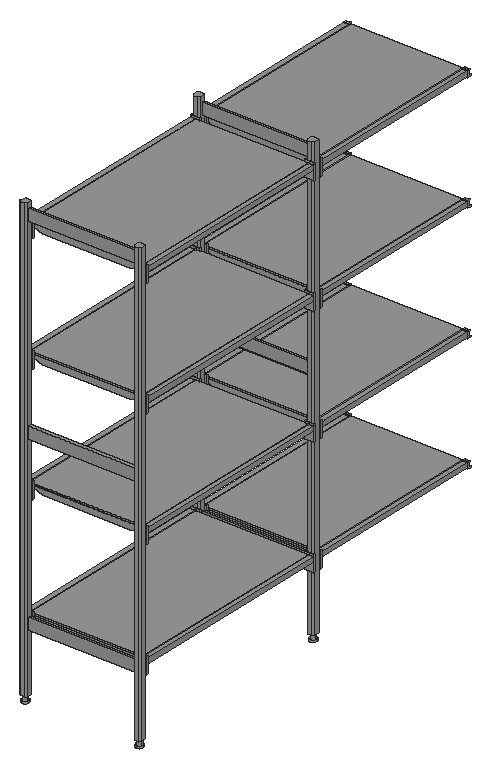
Revit family "QF_ZANUSSI_137079_CLS1574", category Attrezzature speciali, Revit 2020
Family settings
  Quota connettore circolare = Usa diametro
  Tipo di parte = Normale
  Basato su piano di lavoro = No
  Sempre verticale = Sì
  Taglio con vuoti quando caricato = No
  Condiviso = No
  Punto di calcolo locali = No
Parameters (values of type "Standard")
  Weight = 30.00 kg
  Watts = 0 W
  Volts = 0 V
  URL Manufacturer = "http://www.zanussiprofessional.com"
  URL = "http://www.zanussiprofessional.com"
  Steam Supply Size = 0 mm
  Steam Supply Minimum Pressure = 0.0 Pa
  Steam Supply Maximum Pressure = 0.0 Pa
  Steam Consumption per Hour = 0
  Refrigeration Suction Line Size = 0.0 mm
  Refrigeration Liquid Line Size = 0.0 mm
  Refrigerant Compressor Remote = yes
  Prospetto di default = 0.0 mm
  Phase = 0
  Modello = "CLS1574"
  Produttore = "Zanussi"
  Length Actual = 1578.0 mm  # constant formula
  Item Number = "137079"
  Hot Water Size = 0 mm
  Height Actual = 1700.0 mm  # constant formula
  HP = "0 HP"
  Gas Size = 0 mm
  Gas KW = 0
  Gas Input Pressure = 0 W
  Direct Waste Size = 0 mm
  Descrizione = "ALUM.CORNER SHELV.-POLY.TIERS-475X1578MM"
  Depth Actual = 475.0 mm  # constant formula
  Cycle = 0 Hz
  Condensate Return Size = 0 mm
  Compressed Air Volume = 0.0 L/s
  Compressed Air Size = 0 mm
  Compressed Air Pressure = 0.0 Pa
  Cold Water Size = 0 mm
  Accessory = yes
Reference planes
  plane 1: z = 0
  plane 2 "CenterLeft": y = -535.5
  plane 3 "FRONT": y = -921.5
  plane 4 "LEFT": x = 192.5
  plane 5 "RIGHT": x = 667.5
  plane 6 "TOP": z = 1700
  plane 7: y = -889.5
  plane 8: y = -91.5
  plane 9 "Center (Left/Back)": x = 430
  plane 10: x = 256
  plane 11: x = 668
  plane 12 "FEET": z = 25
  plane 13: z = 275
  plane 14: z = 725
  plane 15: z = 1175
  plane 16: z = 1625
  plane 17 "CXLeft": y = -907.5
  plane 18 "Center (Front/Back)": y = -73.5
  plane 19 "CYFront": x = 510
  plane 20: y = 652.5
  plane 21: y = -55.5
  plane 22 "BACK": y = 656.5
  plane 23 "LEFT_ORIGIN": x = 158.5
  plane 24 "BACK_ORIGIN": y = 1131.5
Forms (mm)
  Extrusion 1, solid, material "QF_Aluminum"
    sketch origin (38.022, -921.5, -4.006) x (-1, 0, 0) y (0, 0, 1)
      loop
        line (-189.5, 1637.003) -> (-173.5, 1637.003) -> (-173.5, 1655) -> (-175.493, 1655) -> (-175.493, 1648.501) -> (-608.5, 1648.501) -> (-608.5, 1655) -> (-610.5, 1655) -> (-610.5, 1637.003) -> (-594.5, 1637.003) -> (-560.5, 1625) -> (-223.5, 1625) -> (-189.5, 1637.003)
      loop
        line (-189.5, 1187.003) -> (-173.5, 1187.003) -> (-173.5, 1205) -> (-175.493, 1205) -> (-175.493, 1198.501) -> (-608.5, 1198.501) -> (-608.5, 1205) -> (-610.5, 1205) -> (-610.5, 1187.003) -> (-594.5, 1187.003) -> (-560.5, 1175) -> (-223.5, 1175) -> (-189.5, 1187.003)
      loop
        line (-189.5, 737.003) -> (-173.5, 737.003) -> (-173.5, 755) -> (-175.493, 755) -> (-175.493, 748.501) -> (-608.5, 748.501) -> (-608.5, 755) -> (-610.5, 755) -> (-610.5, 737.003) -> (-594.5, 737.003) -> (-560.5, 725) -> (-223.5, 725) -> (-189.5, 737.003)
      loop
        line (-189.5, 287.003) -> (-173.5, 287.003) -> (-173.5, 305) -> (-175.493, 305) -> (-175.493, 298.501) -> (-608.5, 298.501) -> (-608.5, 305) -> (-610.5, 305) -> (-610.5, 287.003) -> (-594.5, 287.003) -> (-560.5, 275) -> (-223.5, 275) -> (-189.5, 287.003)
    from 37 to 32
  Extrusion 2, solid, material "QF_Aluminum"
    sketch origin (38.022, -921.5, 0) x (-1, 0, 0) y (0, 0, 1)
      loop
        line (-154.478, 246.005) -> (-154.478, 307.993) -> (-190.471, 307.993) -> (-190.471, 246.005) -> (-154.478, 246.005)
      loop
        line (-593.484, 246.005) -> (-593.484, 307.993) -> (-629.478, 307.993) -> (-629.478, 246.005) -> (-593.484, 246.005)
      loop
        line (-154.478, 696.005) -> (-154.478, 757.993) -> (-190.471, 757.993) -> (-190.471, 696.005) -> (-154.478, 696.005)
      loop
        line (-593.484, 696.005) -> (-593.484, 757.993) -> (-629.478, 757.993) -> (-629.478, 696.005) -> (-593.484, 696.005)
      loop
        line (-154.478, 1146.005) -> (-154.478, 1207.993) -> (-190.471, 1207.993) -> (-190.471, 1146.005) -> (-154.478, 1146.005)
      loop
        line (-593.484, 1146.005) -> (-593.484, 1207.993) -> (-629.478, 1207.993) -> (-629.478, 1146.005) -> (-593.484, 1146.005)
      loop
        line (-154.478, 1596.005) -> (-154.478, 1657.993) -> (-190.471, 1657.993) -> (-190.471, 1596.005) -> (-154.478, 1596.005)
      loop
        line (-593.484, 1596.005) -> (-593.484, 1657.993) -> (-629.478, 1657.993) -> (-629.478, 1596.005) -> (-593.484, 1596.005)
    from 28 to 32
  Extrusion 3, solid, material "QF_Aluminum"
    sketch origin (38.022, -921.5, 0) x (-1, 0, 0) y (0, 0, 1)
      loop
        line (-154.5, 1650.994) -> (-173.5, 1650.994) -> (-173.5, 1632.998) -> (-154.5, 1632.998) -> (-154.5, 1650.994)
      loop
        line (-154.5, 1200.994) -> (-173.5, 1200.994) -> (-173.5, 1182.998) -> (-154.5, 1182.998) -> (-154.5, 1200.994)
      loop
        line (-154.5, 750.994) -> (-173.5, 750.994) -> (-173.5, 732.998) -> (-154.5, 732.998) -> (-154.5, 750.994)
      loop
        line (-154.5, 300.994) -> (-173.5, 300.994) -> (-173.5, 282.998) -> (-154.5, 282.998) -> (-154.5, 300.994)
      loop
        line (-629.455, 1650.994) -> (-629.455, 1632.998) -> (-610.455, 1632.998) -> (-610.455, 1650.994) -> (-629.455, 1650.994)
      loop
        line (-629.455, 1200.994) -> (-629.455, 1182.998) -> (-610.455, 1182.998) -> (-610.455, 1200.994) -> (-629.455, 1200.994)
      loop
        line (-629.455, 750.994) -> (-629.455, 732.998) -> (-610.455, 732.998) -> (-610.455, 750.994) -> (-629.455, 750.994)
      loop
        line (-629.455, 300.994) -> (-629.455, 282.998) -> (-610.455, 282.998) -> (-610.455, 300.994) -> (-629.455, 300.994)
    from 32 to 830
  Extrusion 4, solid, material "QF_Polyethylene"
    sketch origin (38.022, -921.5, 0) x (-1, 0, 0) y (0, 0, 1)
      loop
        line (-175.493, 1650.994) -> (-608.5, 1650.994) -> (-608.5, 1644.496) -> (-175.493, 1644.496) -> (-175.493, 1650.994)
      loop
        line (-175.493, 1200.994) -> (-608.5, 1200.994) -> (-608.5, 1194.496) -> (-175.493, 1194.496) -> (-175.493, 1200.994)
      loop
        line (-175.493, 750.994) -> (-608.5, 750.994) -> (-608.5, 744.496) -> (-175.493, 744.496) -> (-175.493, 750.994)
      loop
        line (-175.493, 300.994) -> (-608.5, 300.994) -> (-608.5, 294.496) -> (-175.493, 294.496) -> (-175.493, 300.994)
    from 32 to 830
  Extrusion 5, solid, material "QF_Aluminum"
    sketch origin (38.022, 684.5, 0) x (-1, 0, 0) y (0, 0, 1)
      loop
        line (-154.5, 1650.994) -> (-173.5, 1650.994) -> (-173.5, 1632.998) -> (-154.5, 1632.998) -> (-154.5, 1650.994)
      loop
        line (-610.455, 1650.994) -> (-629.455, 1650.994) -> (-629.455, 1632.998) -> (-610.455, 1632.998) -> (-610.455, 1650.994)
      loop
        line (-154.5, 1200.994) -> (-173.5, 1200.994) -> (-173.5, 1182.998) -> (-154.5, 1182.998) -> (-154.5, 1200.994)
      loop
        line (-610.455, 1200.994) -> (-629.455, 1200.994) -> (-629.455, 1182.998) -> (-610.455, 1182.998) -> (-610.455, 1200.994)
      loop
        line (-154.5, 750.994) -> (-173.5, 750.994) -> (-173.5, 732.998) -> (-154.5, 732.998) -> (-154.5, 750.994)
      loop
        line (-610.455, 750.994) -> (-629.455, 750.994) -> (-629.455, 732.998) -> (-610.455, 732.998) -> (-610.455, 750.994)
      loop
        line (-154.5, 300.994) -> (-173.5, 300.994) -> (-173.5, 282.998) -> (-154.5, 282.998) -> (-154.5, 300.994)
      loop
        line (-610.455, 300.994) -> (-629.455, 300.994) -> (-629.455, 282.998) -> (-610.455, 282.998) -> (-610.455, 300.994)
    from -32 to -740
  Extrusion 6, solid, material "QF_Polyethylene"
    sketch origin (38.022, 684.5, 0) x (-1, 0, 0) y (0, 0, 1)
      loop
        line (-175.493, 1650.994) -> (-608.5, 1650.994) -> (-608.5, 1644.496) -> (-175.493, 1644.496) -> (-175.493, 1650.994)
      loop
        line (-175.493, 1200.994) -> (-608.5, 1200.994) -> (-608.5, 1194.496) -> (-175.493, 1194.496) -> (-175.493, 1200.994)
      loop
        line (-175.493, 750.994) -> (-608.5, 750.994) -> (-608.5, 744.496) -> (-175.493, 744.496) -> (-175.493, 750.994)
      loop
        line (-175.493, 300.994) -> (-608.5, 300.994) -> (-608.5, 294.496) -> (-175.493, 294.496) -> (-175.493, 300.994)
    from -32 to -740
Lines and regions (mm)
  symbolic lines
    curve 1: line (256, -912.5, 1700) -> (668, -912.5, 1700)
    curve 2: line (668, -902.5, 1700) -> (256, -902.5, 1700)
    curve 3: line (192.5, -893.5, 1700) -> (192.5, -87.5, 1700)
    curve 4: line (667.5, -889.5, 1700) -> (667.5, -91.5, 1700)
    curve 5: line (192.5, -59.5, 1700) -> (192.5, 656.5, 1700)
    curve 6: line (667.5, -59.5, 1700) -> (667.5, 656.5, 1700)
    curve 7: line (648.478, -91.5, 1700) -> (648.478, -889.5, 1700)
    curve 8: line (211.522, -889.5, 1700) -> (211.522, -91.5, 1700)
    curve 9: line (211.522, -55.5, 1700) -> (211.522, 652.5, 1700)
    curve 10: line (648.478, 652.5, 1700) -> (648.478, -55.5, 1700)
Dimensions and locks
  plane 3 "FRONT" to plane 2 "CenterLeft" = 386.0 mm
  locked: plane 6 "TOP" to level at 1700
  locked: plane 7 to plane 8 at 798
  locked: plane 10 to plane 11 at 412
  plane 10 to plane 9 "Center (Left/Back)" to plane 11 = 174.0 mm, 238.0 mm
  equal spacing: plane 4 "LEFT", plane 9 "Center (Left/Back)", plane 5 "RIGHT"
  plane 12 "FEET" to level = 25.0 mm
  plane 6 "TOP" to plane 12 "FEET" = 1675.0 mm
  plane 13 to plane 12 "FEET" = 250.0 mm
  plane 14 to plane 13 = 450.0 mm
  plane 15 to plane 14 = 450.0 mm
  plane 16 to plane 15 = 450.0 mm
  locked: plane 21 to plane 20 at 708
  locked: plane 8 to plane 18 "Center (Front/Back)" at 18
  locked: plane 18 "Center (Front/Back)" to plane 21 at 18
  locked: plane 3 "FRONT" to plane 7 at 32
  locked: plane 4 "LEFT" to plane 5 "RIGHT" at 475
  locked: plane 23 "LEFT_ORIGIN" to plane 5 "RIGHT" at 509
  locked: plane 22 "BACK" to plane 24 "BACK_ORIGIN" at 475
  locked: plane 22 "BACK" to plane 3 "FRONT" at 1578
  aligned and locked: level to plane 1
  aligned and locked: Extrusion 1 to plane 7
  aligned and locked: plane 7 to Extrusion 2
  aligned and locked: Extrusion 4 to plane 7
  aligned and locked: plane 8 to Extrusion 4
  aligned and locked: Extrusion 3 to plane 7
  aligned and locked: plane 8 to Extrusion 3
  aligned and locked: Extrusion 1 sketch curve to Extrusion 1 sketch curve  (x3)
  aligned and locked: Extrusion 5 sketch curve to Extrusion 5 sketch curve  (x2)
  aligned and locked: Extrusion 5 to plane 21  (x5)
  aligned and locked: Extrusion 6 to plane 21  (x5)
  aligned and locked: nested 2 to plane 18 "Center (Front/Back)"
  aligned and locked: plane 17 "CXLeft" to nested 1
  aligned and locked: plane 7 to Extrusion 3  (x3)
  aligned and locked: Extrusion 3 to plane 8  (x4)
  aligned and locked: Extrusion 4 to plane 8  (x4)
  aligned and locked: plane 20 to Extrusion 5
  aligned and locked: plane 20 to Extrusion 6
  aligned and locked: Extrusion 5 to plane 20  (x3)
  aligned and locked: Extrusion 6 to plane 20  (x3)
  aligned and locked: plane 9 "Center (Left/Back)" to nested 2
  aligned and locked: nested 3 to plane 22 "BACK"
Automatic sketch dimensions
  Extrusion 1 sketch curve to plane 19 "CYFront" = 138.522 mm  (x4)
  plane 11 to Extrusion 1 sketch curve = 35.478 mm  (x4)
  Extrusion 1 sketch curve to plane 13 = 4.006 mm
  Extrusion 1 sketch curve to Extrusion 1 sketch curve = 34.0 mm  (x4)
  Extrusion 1 sketch curve to plane 14 = 4.006 mm
  Extrusion 1 sketch curve to plane 15 = 4.006 mm
  Extrusion 1 sketch curve to plane 16 = 4.006 mm
  Extrusion 1 sketch curve to plane 10 = 5.522 mm  (x4)
  plane 10 to Extrusion 1 sketch curve = 28.478 mm  (x4)
  plane 13 to Extrusion 1 sketch curve = 7.998 mm  (x2)
  Extrusion 1 sketch curve to Extrusion 1 sketch curve = 11.498 mm  (x4)
  Extrusion 1 sketch curve to Extrusion 1 sketch curve = 6.499 mm  (x8)
  plane 14 to Extrusion 1 sketch curve = 7.998 mm  (x2)
  plane 15 to Extrusion 1 sketch curve = 7.998 mm  (x2)
  plane 16 to Extrusion 1 sketch curve = 7.998 mm  (x2)
  plane 5 "RIGHT" to Extrusion 2 sketch curve = 35.993 mm  (x4)
  Extrusion 2 sketch curve to plane 4 "LEFT" = 0.0 mm  (x4)
  plane 11 to Extrusion 2 sketch curve = 0.5 mm  (x4)
  plane 10 to Extrusion 2 sketch curve = 27.507 mm  (x4)
  Extrusion 2 sketch curve to plane 13 = 28.995 mm  (x2)
  plane 13 to Extrusion 2 sketch curve = 32.993 mm  (x2)
  Extrusion 2 sketch curve to plane 14 = 28.995 mm  (x2)
  plane 14 to Extrusion 2 sketch curve = 32.993 mm  (x2)
  Extrusion 2 sketch curve to plane 15 = 28.995 mm  (x2)
  plane 15 to Extrusion 2 sketch curve = 32.993 mm  (x2)
  Extrusion 2 sketch curve to plane 16 = 28.995 mm  (x2)
  plane 16 to Extrusion 2 sketch curve = 32.993 mm  (x2)
  plane 13 to Extrusion 4 sketch curve = 19.496 mm
  Extrusion 4 sketch curve to Extrusion 4 sketch curve = 6.499 mm  (x4)
  plane 14 to Extrusion 4 sketch curve = 19.496 mm
  plane 15 to Extrusion 4 sketch curve = 19.496 mm
  plane 16 to Extrusion 4 sketch curve = 19.496 mm
  plane 5 "RIGHT" to Extrusion 5 sketch curve = 0.022 mm  (x4)
  Extrusion 5 sketch curve to plane 4 "LEFT" = 19.022 mm  (x4)
  Extrusion 5 sketch curve to plane 19 "CYFront" = 138.478 mm  (x2)
  plane 13 to Extrusion 5 sketch curve = 7.998 mm  (x2)
  Extrusion 5 sketch curve to Extrusion 5 sketch curve = 17.997 mm  (x8)
  plane 14 to Extrusion 5 sketch curve = 7.998 mm  (x2)
  plane 15 to Extrusion 5 sketch curve = 7.998 mm  (x2)
  plane 16 to Extrusion 5 sketch curve = 7.998 mm  (x2)
  Extrusion 6 sketch curve to plane 19 "CYFront" = 136.522 mm  (x4)
  plane 13 to Extrusion 6 sketch curve = 19.496 mm
  Extrusion 6 sketch curve to Extrusion 6 sketch curve = 6.499 mm  (x4)
  plane 14 to Extrusion 6 sketch curve = 19.496 mm
  plane 15 to Extrusion 6 sketch curve = 19.496 mm
  plane 16 to Extrusion 6 sketch curve = 19.496 mm
  plane 5 "RIGHT" to Extrusion 3 sketch curve = 0.022 mm  (x4)
  Extrusion 3 sketch curve to Extrusion 3 sketch curve = 19.0 mm  (x4)
  plane 14 to Extrusion 3 sketch curve = 7.998 mm  (x2)
  plane 10 to Extrusion 3 sketch curve = 44.478 mm  (x4)
  Extrusion 3 sketch curve to plane 4 "LEFT" = 0.022 mm  (x4)
  plane 13 to Extrusion 3 sketch curve = 25.994 mm  (x2)
  plane 13 to Extrusion 3 sketch curve = 7.998 mm  (x2)
  Extrusion 3 sketch curve to Extrusion 3 sketch curve = 17.997 mm  (x6)
  plane 15 to Extrusion 3 sketch curve = 7.998 mm  (x2)
  plane 16 to Extrusion 3 sketch curve = 7.998 mm  (x2)
  plane 10 to Extrusion 1 sketch curve = 42.484 mm  (x4)
  plane 10 to Extrusion 1 sketch curve = 44.478 mm  (x2)
  Extrusion 1 sketch curve to Extrusion 1 sketch curve = 1.993 mm  (x2)
  plane 10 to Extrusion 4 sketch curve = 42.484 mm  (x4)
  Extrusion 5 sketch curve to plane 4 "LEFT" = 0.022 mm  (x4)
  plane 10 to Extrusion 6 sketch curve = 42.484 mm  (x4)
  Extrusion 1 sketch curve to Extrusion 1 sketch curve = 2.0 mm
  plane 5 "RIGHT" to Extrusion 4 sketch curve = 20.978 mm  (x4)
  curve 1 to plane 11 = 0.0 mm
  curve 1 to plane 10 = 0.0 mm
  curve 2 to plane 10 = 0.0 mm
  curve 2 to plane 11 = 0.0 mm
  curve 3 to plane 4 "LEFT" = 0.0 mm
  curve 4 to plane 5 "RIGHT" = 0.0 mm
  plane 7 to curve 4 = 0.0 mm
  plane 7 to curve 8 = 0.0 mm
  plane 8 to curve 8 = 0.0 mm
  plane 8 to curve 7 = 0.0 mm
  plane 8 to curve 4 = 0.0 mm
  curve 5 to plane 4 "LEFT" = 0.0 mm
  curve 6 to plane 5 "RIGHT" = 0.0 mm
  plane 20 to curve 9 = 0.0 mm
  plane 22 "BACK" to curve 5 = 0.0 mm
  plane 22 "BACK" to curve 6 = 0.0 mm
  plane 7 to curve 3 = 4.0 mm
  plane 17 "CXLeft" to curve 2 = 5.0 mm
  curve 1 to plane 17 "CXLeft" = 5.0 mm
  curve 3 to plane 8 = 4.0 mm
  curve 6 to plane 21 = 4.0 mm
  curve 9 to plane 4 "LEFT" = 19.022 mm
  curve 8 to plane 4 "LEFT" = 19.022 mm
  curve 9 to plane 21 = 0.0 mm
  plane 21 to curve 10 = 0.0 mm
  curve 5 to plane 21 = 4.0 mm
  plane 7 to curve 7 = 0.0 mm
  curve 4 to curve 7 = 19.022 mm
  plane 20 to curve 10 = 0.0 mm
  plane 5 "RIGHT" to curve 10 = 19.022 mm
Nested families
  nested 1: "WT_Anta475" at (215.5, -504.5, 0) x (0, 1, 0) z (0, 0, 1), type "WT_Anta475"
  nested 2: "WT_Anta475Center" at (215.5, 329.5, 0) x (0, 1, 0) z (0, 0, 1), type "WT_Anta475Center"
  nested 3: "WT_Aggancio475" at (215.5, 1064.5, 0) x (0, 1, 0) z (0, 0, 1), type "WT_Aggancio475"
Definition of nested family "WT_Anta475"
  Parameters
    WidthLeft = A + 64.0 mm  # 772.0 mm
    Width = 1606.0 mm
    Right = WidthLeft / 2  # 386.0 mm
    Default Elevation = 0.0 mm
    Left = -WidthLeft / 2  # -386.0 mm
    Height = 1725.0 mm
    FEET = 25.0 mm
    E = 0.0 mm
    Dint = Depth - 63.0 mm  # 412.0 mm
    Dext = Depth - 8.0 mm  # 467.0 mm
    Depth = 475.0 mm
    DX = (WidthLeft - A) / 2  # 32.0 mm
    B = 798.0 mm
    A = 708.0 mm
  Reference planes
    plane 1: z = 0
    plane 2 "LEFT": x = -417
    plane 3 "BACK": y = 23
    plane 4 "FRONT": y = -452
    plane 5 "TOP": z = 1725
    plane 6 "Center (Front/Back)": y = -214.5
    plane 7: y = -8.5
    plane 8: y = -420.5
    plane 9 "FEET": z = 25
    plane 10: z = 275
    plane 11: z = 725
    plane 12: z = 1175
    plane 13: z = 1625
    plane 14 "CXLeft": x = -403
    plane 15: y = 5.5
    plane 16 "CYBack": y = 5.5
    plane 17 "CYFront": y = -434.5
    plane 18: x = -385.031
    plane 19: x = -380.031
  Forms (mm)
    Extrusion 1, solid
      sketch origin (0, 0, 0) x (1, 0, 0) y (0, 1, 0)
        loop
          line (-417, 13.246) -> (-417, -2.246) -> (-410.746, -8.5) -> (-395.254, -8.5) -> (-389, -2.246) -> (-389, 13.246) -> (-395.254, 19.5) -> (-410.746, 19.5) -> (-417, 13.246)
      from 1725 to 25
    Extrusion 2, solid
      sketch origin (-417, 0, 0) x (0, 1, 0) y (0, 0, 1)
        loop
          line (23, 246.005) -> (23, 307.993) -> (-12.993, 307.993) -> (-12.993, 246.005) -> (23, 246.005)
        loop
          line (-452, 246.005) -> (-416.007, 246.005) -> (-416.007, 307.993) -> (-452, 307.993) -> (-452, 246.005)
        loop
          line (23, 696.005) -> (23, 757.993) -> (-12.993, 757.993) -> (-12.993, 696.005) -> (23, 696.005)
        loop
          line (-452, 696.005) -> (-416.007, 696.005) -> (-416.007, 757.993) -> (-452, 757.993) -> (-452, 696.005)
        loop
          line (23, 1146.005) -> (23, 1207.993) -> (-12.993, 1207.993) -> (-12.993, 1146.005) -> (23, 1146.005)
        loop
          line (-452, 1146.005) -> (-416.007, 1146.005) -> (-416.007, 1207.993) -> (-452, 1207.993) -> (-452, 1146.005)
        loop
          line (23, 1596.005) -> (23, 1657.993) -> (-12.993, 1657.993) -> (-12.993, 1596.005) -> (23, 1596.005)
        loop
          line (-452, 1596.005) -> (-416.007, 1596.005) -> (-416.007, 1657.993) -> (-452, 1657.993) -> (-452, 1596.005)
      from 28 to 32
    Revolve 3, solid
      sketch origin (-403, 0, 0) x (0, 1, 0) y (0, 0, 1)
        loop
          line (5.5, 25) -> (5.5, 0) -> (19, 0) -> (19, 5) -> (14, 5) -> (14, 25) -> (5.5, 25)
        axis (5.5, 25) -> (5.5, 0)
      angle from 0 to 360
    Extrusion 4, solid
      sketch origin (-403, 0, 0) x (0, 1, 0) y (0, 0, 1)
        loop
          line (-8.5, 912.382) -> (-8.5, 957.374) -> (-420.5, 957.374) -> (-420.5, 912.382) -> (-8.5, 912.382)
        loop
          line (-8.5, 1662.244) -> (-8.5, 1707.236) -> (-420.5, 1707.236) -> (-420.5, 1662.244) -> (-8.5, 1662.244)
      from -5 to 5
    Revolve 5, solid
      sketch origin (-403, -627, 0) x (0, -1, 0) y (0, 0, 1)
        loop
          line (-192.5, 25) -> (-192.5, 0) -> (-179, 0) -> (-179, 5) -> (-184, 5) -> (-184, 25) -> (-192.5, 25)
        axis (-192.5, 25) -> (-192.5, 0)
      angle from 0 to 360
    Extrusion 6, solid
      sketch origin (0, -627, 0) x (1, 0, 0) y (0, 1, 0)
        loop
          line (-417, 184.754) -> (-410.746, 178.5) -> (-395.254, 178.5) -> (-389, 184.754) -> (-389, 200.246) -> (-395.254, 206.5) -> (-410.746, 206.5) -> (-417, 200.246) -> (-417, 184.754)
      from 1725 to 25
    Extrusion 7, solid
      sketch origin (-417.031, -0.022, 0) x (0, 1, 0) y (0, 0, -1)
        loop
          line (-12, -1632.998) -> (-46, -1620.994) -> (-383, -1620.994) -> (-417, -1632.998) -> (-433, -1632.998) -> (-433, -1650.994) -> (-431, -1650.994) -> (-431, -1644.496) -> (2.007, -1644.496) -> (2.007, -1650.994) -> (4, -1650.994) -> (4, -1632.998) -> (-12, -1632.998)
        loop
          line (-12, -1182.998) -> (-46, -1170.994) -> (-383, -1170.994) -> (-417, -1182.998) -> (-433, -1182.998) -> (-433, -1200.994) -> (-431, -1200.994) -> (-431, -1194.496) -> (2.007, -1194.496) -> (2.007, -1200.994) -> (4, -1200.994) -> (4, -1182.998) -> (-12, -1182.998)
        loop
          line (-12, -732.998) -> (-46, -720.994) -> (-383, -720.994) -> (-417, -732.998) -> (-433, -732.998) -> (-433, -750.994) -> (-431, -750.994) -> (-431, -744.496) -> (2.007, -744.496) -> (2.007, -750.994) -> (4, -750.994) -> (4, -732.998) -> (-12, -732.998)
        loop
          line (-12, -282.998) -> (-46, -270.994) -> (-383, -270.994) -> (-417, -282.998) -> (-433, -282.998) -> (-433, -300.994) -> (-431, -300.994) -> (-431, -294.496) -> (2.007, -294.496) -> (2.007, -300.994) -> (4, -300.994) -> (4, -282.998) -> (-12, -282.998)
      from -32 to -37
    Extrusion 8, solid
      sketch origin (-403, 0, -659.878) x (0, 1, 0) y (0, 0, 1)
        loop
          line (-8.5, 912.382) -> (-8.5, 957.374) -> (-420.5, 957.374) -> (-420.5, 912.382) -> (-8.5, 912.382)
        loop
          line (-8.5, 1572.382) -> (-8.5, 1617.374) -> (-420.5, 1617.374) -> (-420.5, 1572.382) -> (-8.5, 1572.382)
        loop
          line (-8.5, 2322.382) -> (-8.5, 2367.374) -> (-420.5, 2367.374) -> (-420.5, 2322.382) -> (-8.5, 2322.382)
      from -5 to 5
  Lines and regions (mm)
    symbolic lines
      curve 1: line (-408, -8.5, 1725) -> (-408, -420.5, 1725)
      curve 2: line (-398, -420.5, 1725) -> (-398, -8.5, 1725)
      curve 3: line (-395.254, -8.5, 1725) -> (-410.746, -8.5, 1725)
      curve 4: line (-417, -2.246, 1725) -> (-410.746, -8.5, 1725)
      curve 5: line (-417, 13.246, 1725) -> (-417, -2.246, 1725)
      curve 6: line (-410.746, 19.5, 1725) -> (-417, 13.246, 1725)
      curve 7: line (-395.254, 19.5, 1725) -> (-410.746, 19.5, 1725)
      curve 8: line (-389, 13.246, 1725) -> (-395.254, 19.5, 1725)
      curve 9: line (-395.254, -8.5, 1725) -> (-389, -2.246, 1725)
      curve 10: line (-395.254, -420.5, 1725) -> (-410.746, -420.5, 1725)
      curve 11: line (-417, -426.754, 1725) -> (-410.746, -420.5, 1725)
      curve 12: line (-410.746, -448.5, 1725) -> (-417, -442.246, 1725)
      curve 13: line (-395.254, -448.5, 1725) -> (-410.746, -448.5, 1725)
      curve 14: line (-389, -442.246, 1725) -> (-395.254, -448.5, 1725)
      curve 15: line (-395.254, -420.5, 1725) -> (-389, -426.754, 1725)
      curve 16: line (-389, -452, 1725) -> (-389, -416.007, 1725)
      curve 17: line (-389, -416.007, 1725) -> (-385, -416.007, 1725)
      curve 18: line (-389, 23, 1725) -> (-389, -12.993, 1725)
      curve 19: line (-389, -12.993, 1725) -> (-385, -12.993, 1725)
      curve 20: line (-417, -426.754, 1725) -> (-417, -442.246, 1725)
      curve 21: line (-385, -452, 1725) -> (-385, -416.007, 1725)
      curve 22: line (-385, -452, 1725) -> (-389, -452, 1725)
      curve 23: line (-385, 23, 1725) -> (-389, 23, 1725)
      curve 24: line (-385, -12.993, 1725) -> (-385, 23, 1725)
      curve 25: line (-385.031, -13.016, 1725) -> (-385.031, -416.029, 1725)
  Dimensions and locks
    "Height": plane 5 "TOP" to level
    "Depth": plane 3 "BACK" to plane 4 "FRONT"
    "Dint": plane 7 to plane 8
    equal spacing: plane 7, plane 6 "Center (Front/Back)", plane 8
    equal spacing: plane 3 "BACK", plane 6 "Center (Front/Back)", plane 4 "FRONT"
    plane 9 "FEET" to level = 25.0 mm
    plane 5 "TOP" to plane 9 "FEET" = 1700.0 mm
    plane 10 to plane 9 "FEET" = 250.0 mm
    plane 11 to plane 10 = 450.0 mm
    plane 12 to plane 11 = 450.0 mm
    plane 13 to plane 12 = 450.0 mm
    locked: plane 2 "LEFT" to plane 14 "CXLeft" at 14
    locked: plane 3 "BACK" to plane 16 "CYBack" at 17.5
    locked: plane 17 "CYFront" to plane 4 "FRONT" at 17.5
    locked: Revolve 3 sketch curve to Revolve 3 sketch curve at 8.5
    locked: Revolve 3 sketch curve to plane 16 "CYBack" at 13.5
    locked: Revolve 5 sketch curve to Revolve 5 sketch curve at 8.5
    aligned and locked: level to plane 1
    aligned and locked: curve 20 to Extrusion 6
    aligned and locked: plane 5 "TOP" to Extrusion 1
    aligned and locked: plane 5 "TOP" to Extrusion 6
    aligned and locked: Extrusion 7 sketch curve to Extrusion 7 sketch curve  (x3)
  Automatic sketch dimensions
    curve 16 to plane 4 "FRONT" = 0.0 mm
    curve 11 to plane 8 = 0.0 mm
    curve 9 to plane 7 = 0.0 mm
    curve 5 to plane 2 "LEFT" = 0.0 mm
    curve 23 to plane 3 "BACK" = 0.0 mm
    plane 4 "FRONT" to curve 13 = 3.5 mm
    curve 20 to plane 17 "CYFront" = 7.746 mm
    curve 20 to plane 8 = 6.254 mm
    plane 8 to curve 16 = 4.493 mm
    curve 24 to plane 18 = 0.031 mm
    curve 24 to plane 7 = 4.493 mm
    plane 7 to curve 5 = 6.254 mm
    curve 5 to plane 15 = 7.746 mm
    curve 6 to plane 3 "BACK" = 3.5 mm
    curve 21 to plane 18 = 0.031 mm
    plane 18 to curve 23 = 3.969 mm
    plane 18 to curve 16 = 3.969 mm
    curve 18 to curve 8 = 6.254 mm
    curve 18 to curve 3 = 6.254 mm
    curve 16 to curve 13 = 6.254 mm
    curve 16 to curve 15 = 6.254 mm
    plane 2 "LEFT" to curve 10 = 6.254 mm
    plane 2 "LEFT" to curve 7 = 6.254 mm
    plane 2 "LEFT" to curve 12 = 6.254 mm
    plane 2 "LEFT" to curve 3 = 6.254 mm
    curve 14 to plane 17 "CYFront" = 7.746 mm
    curve 15 to plane 8 = 6.254 mm
    plane 7 to curve 9 = 6.254 mm
    curve 8 to plane 15 = 7.746 mm
    curve 3 to curve 2 = 2.746 mm
    curve 1 to curve 10 = 2.746 mm
    Extrusion 1 sketch curve to plane 2 "LEFT" = 0.0 mm
    Extrusion 1 sketch curve to plane 7 = 0.0 mm
    plane 2 "LEFT" to Extrusion 1 sketch curve = 6.254 mm  (x2)
    plane 14 "CXLeft" to Extrusion 1 sketch curve = 7.746 mm  (x2)
    Extrusion 1 sketch curve to plane 3 "BACK" = 3.5 mm
    plane 18 to Extrusion 1 sketch curve = 3.969 mm
    plane 7 to Extrusion 1 sketch curve = 6.254 mm  (x2)
    Extrusion 1 sketch curve to plane 15 = 7.746 mm  (x2)
    Extrusion 2 sketch curve to plane 4 "FRONT" = 0.0 mm  (x4)
    Extrusion 2 sketch curve to plane 3 "BACK" = 0.0 mm  (x4)
    plane 8 to Extrusion 2 sketch curve = 4.493 mm  (x4)
    Extrusion 2 sketch curve to plane 7 = 4.493 mm  (x4)
    Extrusion 2 sketch curve to plane 10 = 28.995 mm  (x2)
    plane 10 to Extrusion 2 sketch curve = 32.993 mm  (x2)
    Extrusion 2 sketch curve to plane 11 = 28.995 mm  (x2)
    plane 11 to Extrusion 2 sketch curve = 32.993 mm  (x2)
    Extrusion 2 sketch curve to plane 12 = 28.995 mm  (x2)
    plane 12 to Extrusion 2 sketch curve = 32.993 mm  (x2)
    Extrusion 2 sketch curve to plane 13 = 28.995 mm  (x2)
    plane 13 to Extrusion 2 sketch curve = 32.993 mm  (x2)
    Revolve 3 sketch curve to plane 9 "FEET" = 0.0 mm  (x2)
    Revolve 3 sketch curve to plane 15 = 0.0 mm  (x2)
    Revolve 3 sketch curve to level = 0.0 mm
    level to Revolve 3 sketch curve = 5.0 mm
    Revolve 3 sketch curve to Revolve 3 sketch curve = 11.655 mm
    Extrusion 4 sketch curve to plane 8 = 0.0 mm  (x2)
    Extrusion 4 sketch curve to plane 7 = 0.0 mm  (x2)
    plane 11 to Extrusion 4 sketch curve = 187.382 mm
    Extrusion 4 sketch curve to Extrusion 4 sketch curve = 44.992 mm
    plane 13 to Extrusion 4 sketch curve = 37.244 mm
    Extrusion 4 sketch curve to plane 5 "TOP" = 17.764 mm
    Revolve 5 sketch curve to plane 9 "FEET" = 0.0 mm  (x2)
    Revolve 5 sketch curve to plane 17 "CYFront" = 0.0 mm  (x2)
    Revolve 5 sketch curve to level = 0.0 mm
    Revolve 5 sketch curve to plane 4 "FRONT" = 4.0 mm
    Revolve 5 sketch curve to Revolve 5 sketch curve = 5.0 mm
    level to Revolve 5 sketch curve = 11.655 mm
    Extrusion 6 sketch curve to plane 2 "LEFT" = 0.0 mm
    Extrusion 6 sketch curve to plane 8 = 0.0 mm
    Extrusion 6 sketch curve to plane 2 "LEFT" = 6.254 mm  (x2)
    Extrusion 6 sketch curve to plane 14 "CXLeft" = 7.746 mm  (x2)
    Extrusion 6 sketch curve to plane 4 "FRONT" = 3.5 mm
    Extrusion 6 sketch curve to plane 18 = 3.969 mm
    plane 8 to Extrusion 6 sketch curve = 6.254 mm  (x2)
    plane 17 "CYFront" to Extrusion 6 sketch curve = 7.746 mm  (x2)
    plane 17 "CYFront" to Extrusion 7 sketch curve = 1.478 mm  (x4)
    Extrusion 7 sketch curve to Extrusion 7 sketch curve = 2.0 mm
    plane 8 to Extrusion 7 sketch curve = 3.478 mm  (x4)
    Extrusion 7 sketch curve to plane 10 = 4.006 mm
    Extrusion 7 sketch curve to Extrusion 7 sketch curve = 34.0 mm  (x4)
    Extrusion 7 sketch curve to plane 11 = 4.006 mm
    Extrusion 7 sketch curve to plane 12 = 4.006 mm
    Extrusion 7 sketch curve to plane 13 = 4.006 mm
    Extrusion 7 sketch curve to plane 7 = 37.522 mm  (x4)
    Extrusion 7 sketch curve to plane 7 = 3.522 mm  (x4)
    plane 15 to Extrusion 7 sketch curve = 3.516 mm  (x4)
    plane 15 to Extrusion 7 sketch curve = 1.522 mm  (x4)
    plane 13 to Extrusion 7 sketch curve = 7.998 mm  (x2)
    Extrusion 7 sketch curve to Extrusion 7 sketch curve = 11.498 mm
    Extrusion 7 sketch curve to Extrusion 7 sketch curve = 6.499 mm  (x5)
    plane 12 to Extrusion 7 sketch curve = 25.994 mm  (x2)
    plane 12 to Extrusion 7 sketch curve = 7.998 mm  (x2)
    plane 11 to Extrusion 7 sketch curve = 25.994 mm  (x2)
    plane 11 to Extrusion 7 sketch curve = 7.998 mm  (x2)
    plane 10 to Extrusion 7 sketch curve = 25.994 mm  (x2)
    plane 10 to Extrusion 7 sketch curve = 7.998 mm  (x2)
    curve 25 to plane 18 = 0.0 mm
    plane 8 to curve 25 = 4.471 mm
    curve 25 to plane 7 = 4.516 mm
    Extrusion 8 sketch curve to plane 8 = 0.0 mm  (x3)
    Extrusion 8 sketch curve to plane 7 = 0.0 mm  (x3)
    Extrusion 8 sketch curve to plane 10 = 22.496 mm
    plane 10 to Extrusion 8 sketch curve = 22.496 mm
    plane 11 to Extrusion 8 sketch curve = 187.504 mm
    Extrusion 8 sketch curve to Extrusion 8 sketch curve = 44.992 mm
    plane 13 to Extrusion 8 sketch curve = 37.504 mm
    Extrusion 8 sketch curve to plane 5 "TOP" = 17.504 mm
Definition of nested family "WT_Anta475Center"
  Parameters
    WidthLeft = A + 64.0 mm  # 772.0 mm
    Width = 1606.0 mm
    Right = WidthLeft / 2  # 386.0 mm
    Default Elevation = 0.0 mm
    Left = -WidthLeft / 2  # -386.0 mm
    Height = 1725.0 mm
    FEET = 25.0 mm
    E = 0.0 mm
    Dint = Depth - 63.0 mm  # 412.0 mm
    Dext = Depth - 8.0 mm  # 467.0 mm
    Depth = 475.0 mm
    DX = (WidthLeft - A) / 2  # 32.0 mm
    B = 798.0 mm
    A = 708.0 mm
  Reference planes
    plane 1: z = 0
    plane 2 "L": x = -417
    plane 3 "BACK": y = 23
    plane 4 "FRONT": y = -452
    plane 5 "TOP": z = 1725
    plane 6 "Center (Front/Back)": y = -214.5
    plane 7: y = -8.5
    plane 8: y = -420.5
    plane 9 "FEET": z = 25
    plane 10: z = 275
    plane 11: z = 725
    plane 12: z = 1175
    plane 13: z = 1625
    plane 14 "CXLeft": x = -403
    plane 15: y = 5.5
    plane 16 "CYBack": y = 5.5
    plane 17 "CYFront": y = -434.5
    plane 18: x = -385.031
    plane 19 "RIGHT": x = -380.031
    plane 20: x = -420.969
    plane 21 "LEFT": x = -425.969
  Forms (mm)
    Extrusion 1, solid
      sketch origin (0, 0, 0) x (1, 0, 0) y (0, 1, 0)
        loop
          line (-417, 13.246) -> (-417, -2.246) -> (-410.746, -8.5) -> (-395.254, -8.5) -> (-389, -2.246) -> (-389, 13.246) -> (-395.254, 19.5) -> (-410.746, 19.5) -> (-417, 13.246)
      from 1725 to 25
    Extrusion 2, solid
      sketch origin (-417, 0, 0) x (0, 1, 0) y (0, 0, 1)
        loop
          line (23, 246.005) -> (23, 307.993) -> (-12.993, 307.993) -> (-12.993, 246.005) -> (23, 246.005)
        loop
          line (-452, 246.005) -> (-416.007, 246.005) -> (-416.007, 307.993) -> (-452, 307.993) -> (-452, 246.005)
        loop
          line (23, 696.005) -> (23, 757.993) -> (-12.993, 757.993) -> (-12.993, 696.005) -> (23, 696.005)
        loop
          line (-452, 696.005) -> (-416.007, 696.005) -> (-416.007, 757.993) -> (-452, 757.993) -> (-452, 696.005)
        loop
          line (23, 1146.005) -> (23, 1207.993) -> (-12.993, 1207.993) -> (-12.993, 1146.005) -> (23, 1146.005)
        loop
          line (-452, 1146.005) -> (-416.007, 1146.005) -> (-416.007, 1207.993) -> (-452, 1207.993) -> (-452, 1146.005)
        loop
          line (23, 1596.005) -> (23, 1657.993) -> (-12.993, 1657.993) -> (-12.993, 1596.005) -> (23, 1596.005)
        loop
          line (-452, 1596.005) -> (-416.007, 1596.005) -> (-416.007, 1657.993) -> (-452, 1657.993) -> (-452, 1596.005)
      from 28 to 32
    Revolve 3, solid
      sketch origin (-403, 0, 0) x (0, 1, 0) y (0, 0, 1)
        loop
          line (5.5, 25) -> (5.5, 0) -> (19, 0) -> (19, 5) -> (14, 5) -> (14, 25) -> (5.5, 25)
        axis (5.5, 25) -> (5.5, 0)
      angle from 0 to 360
    Extrusion 4, solid
      sketch origin (-403, 0, 0) x (0, 1, 0) y (0, 0, 1)
        loop
          line (-8.5, 912.382) -> (-8.5, 957.374) -> (-420.5, 957.374) -> (-420.5, 912.382) -> (-8.5, 912.382)
        loop
          line (-8.5, 1662.244) -> (-8.5, 1707.236) -> (-420.5, 1707.236) -> (-420.5, 1662.244) -> (-8.5, 1662.244)
      from -5 to 5
    Revolve 5, solid
      sketch origin (-403, -627, 0) x (0, -1, 0) y (0, 0, 1)
        loop
          line (-192.5, 25) -> (-192.5, 0) -> (-179, 0) -> (-179, 5) -> (-184, 5) -> (-184, 25) -> (-192.5, 25)
        axis (-192.5, 25) -> (-192.5, 0)
      angle from 0 to 360
    Extrusion 6, solid
      sketch origin (0, -627, 0) x (1, 0, 0) y (0, 1, 0)
        loop
          line (-417, 184.754) -> (-410.746, 178.5) -> (-395.254, 178.5) -> (-389, 184.754) -> (-389, 200.246) -> (-395.254, 206.5) -> (-410.746, 206.5) -> (-417, 200.246) -> (-417, 184.754)
      from 1725 to 25
    Extrusion 7, solid
      sketch origin (-417.031, -0.022, 0) x (0, 1, 0) y (0, 0, -1)
        loop
          line (-12, -1632.998) -> (-46, -1620.994) -> (-383, -1620.994) -> (-417, -1632.998) -> (-433, -1632.998) -> (-433, -1650.994) -> (-431, -1650.994) -> (-431, -1644.496) -> (2.007, -1644.496) -> (2.007, -1650.994) -> (4, -1650.994) -> (4, -1632.998) -> (-12, -1632.998)
        loop
          line (-12, -1182.998) -> (-46, -1170.994) -> (-383, -1170.994) -> (-417, -1182.998) -> (-433, -1182.998) -> (-433, -1200.994) -> (-431, -1200.994) -> (-431, -1194.496) -> (2.007, -1194.496) -> (2.007, -1200.994) -> (4, -1200.994) -> (4, -1182.998) -> (-12, -1182.998)
        loop
          line (-12, -732.998) -> (-46, -720.994) -> (-383, -720.994) -> (-417, -732.998) -> (-433, -732.998) -> (-433, -750.994) -> (-431, -750.994) -> (-431, -744.496) -> (2.007, -744.496) -> (2.007, -750.994) -> (4, -750.994) -> (4, -732.998) -> (-12, -732.998)
        loop
          line (-12, -282.998) -> (-46, -270.994) -> (-383, -270.994) -> (-417, -282.998) -> (-433, -282.998) -> (-433, -300.994) -> (-431, -300.994) -> (-431, -294.496) -> (2.007, -294.496) -> (2.007, -300.994) -> (4, -300.994) -> (4, -282.998) -> (-12, -282.998)
      from -32 to -37
    Extrusion 8, solid
      sketch origin (-403, 0, -659.878) x (0, 1, 0) y (0, 0, 1)
        loop
          line (-8.5, 912.382) -> (-8.5, 957.374) -> (-420.5, 957.374) -> (-420.5, 912.382) -> (-8.5, 912.382)
        loop
          line (-8.5, 1572.382) -> (-8.5, 1617.374) -> (-420.5, 1617.374) -> (-420.5, 1572.382) -> (-8.5, 1572.382)
        loop
          line (-8.5, 2322.382) -> (-8.5, 2367.374) -> (-420.5, 2367.374) -> (-420.5, 2322.382) -> (-8.5, 2322.382)
      from -5 to 5
    Extrusion 9, solid
      sketch origin (-389, 0, 0) x (0, 1, 0) y (0, 0, -1)
        loop
          line (23, -246.005) -> (-12.993, -246.005) -> (-12.993, -307.993) -> (23, -307.993) -> (23, -246.005)
        loop
          line (-452, -246.005) -> (-452, -307.993) -> (-416.007, -307.993) -> (-416.007, -246.005) -> (-452, -246.005)
        loop
          line (23, -696.005) -> (-12.993, -696.005) -> (-12.993, -757.993) -> (23, -757.993) -> (23, -696.005)
        loop
          line (-452, -696.005) -> (-452, -757.993) -> (-416.007, -757.993) -> (-416.007, -696.005) -> (-452, -696.005)
        loop
          line (23, -1146.005) -> (-12.993, -1146.005) -> (-12.993, -1207.993) -> (23, -1207.993) -> (23, -1146.005)
        loop
          line (-452, -1146.005) -> (-452, -1207.993) -> (-416.007, -1207.993) -> (-416.007, -1146.005) -> (-452, -1146.005)
        loop
          line (23, -1596.005) -> (-12.993, -1596.005) -> (-12.993, -1657.993) -> (23, -1657.993) -> (23, -1596.005)
        loop
          line (-452, -1596.005) -> (-452, -1657.993) -> (-416.007, -1657.993) -> (-416.007, -1596.005) -> (-452, -1596.005)
      from 28 to 32
    Extrusion 10, solid
      sketch origin (-388.969, -0.022, 0) x (0, 1, 0) y (0, 0, 1)
        loop
          line (-12, 1632.998) -> (4, 1632.998) -> (4, 1650.994) -> (2.007, 1650.994) -> (2.007, 1644.496) -> (-431, 1644.496) -> (-431, 1650.994) -> (-433, 1650.994) -> (-433, 1632.998) -> (-417, 1632.998) -> (-383, 1620.994) -> (-46, 1620.994) -> (-12, 1632.998)
        loop
          line (-12, 1182.998) -> (4, 1182.998) -> (4, 1200.994) -> (2.007, 1200.994) -> (2.007, 1194.496) -> (-431, 1194.496) -> (-431, 1200.994) -> (-433, 1200.994) -> (-433, 1182.998) -> (-417, 1182.998) -> (-383, 1170.994) -> (-46, 1170.994) -> (-12, 1182.998)
        loop
          line (-12, 732.998) -> (4, 732.998) -> (4, 750.994) -> (2.007, 750.994) -> (2.007, 744.496) -> (-431, 744.496) -> (-431, 750.994) -> (-433, 750.994) -> (-433, 732.998) -> (-417, 732.998) -> (-383, 720.994) -> (-46, 720.994) -> (-12, 732.998)
        loop
          line (-12, 282.998) -> (4, 282.998) -> (4, 300.994) -> (2.007, 300.994) -> (2.007, 294.496) -> (-431, 294.496) -> (-431, 300.994) -> (-433, 300.994) -> (-433, 282.998) -> (-417, 282.998) -> (-383, 270.994) -> (-46, 270.994) -> (-12, 282.998)
      from -32 to -37
  Lines and regions (mm)
    symbolic lines
      curve 1: line (-408, -8.5, 1725) -> (-408, -420.5, 1725)
      curve 2: line (-398, -420.5, 1725) -> (-398, -8.5, 1725)
      curve 3: line (-395.254, -8.5, 1725) -> (-410.746, -8.5, 1725)
      curve 4: line (-417, -2.246, 1725) -> (-410.746, -8.5, 1725)
      curve 5: line (-410.746, 19.5, 1725) -> (-417, 13.246, 1725)
      curve 6: line (-395.254, 19.5, 1725) -> (-410.746, 19.5, 1725)
      curve 7: line (-389, 13.246, 1725) -> (-395.254, 19.5, 1725)
      curve 8: line (-395.254, -8.5, 1725) -> (-389, -2.246, 1725)
      curve 9: line (-395.254, -420.5, 1725) -> (-410.746, -420.5, 1725)
      curve 10: line (-417, -426.754, 1725) -> (-410.746, -420.5, 1725)
      curve 11: line (-410.746, -448.5, 1725) -> (-417, -442.246, 1725)
      curve 12: line (-395.254, -448.5, 1725) -> (-410.746, -448.5, 1725)
      curve 13: line (-389, -442.246, 1725) -> (-395.254, -448.5, 1725)
      curve 14: line (-395.254, -420.5, 1725) -> (-389, -426.754, 1725)
      curve 15: line (-389, -452, 1725) -> (-389, -416.007, 1725)
      curve 16: line (-389, -416.007, 1725) -> (-385, -416.007, 1725)
      curve 17: line (-389, 23, 1725) -> (-389, -12.993, 1725)
      curve 18: line (-389, -12.993, 1725) -> (-385, -12.993, 1725)
      curve 19: line (-385, -452, 1725) -> (-385, -416.007, 1725)
      curve 20: line (-385, -452, 1725) -> (-389, -452, 1725)
      curve 21: line (-385, 23, 1725) -> (-389, 23, 1725)
      curve 22: line (-385, -12.993, 1725) -> (-385, 23, 1725)
      curve 23: line (-385.031, -13.016, 1725) -> (-385.031, -416.029, 1725)
      curve 24: line (-417, -452, 1725) -> (-417, -416.007, 1725)
      curve 25: line (-417, -416.007, 1725) -> (-421, -416.007, 1725)
      curve 26: line (-417, 23, 1725) -> (-417, -12.993, 1725)
      curve 27: line (-417, -12.993, 1725) -> (-421, -12.993, 1725)
      curve 28: line (-421, -452, 1725) -> (-421, -416.007, 1725)
      curve 29: line (-421, -452, 1725) -> (-417, -452, 1725)
      curve 30: line (-421, 23, 1725) -> (-417, 23, 1725)
      curve 31: line (-421, -12.993, 1725) -> (-421, 23, 1725)
      curve 32: line (-420.969, -13.016, 1725) -> (-420.969, -416.029, 1725)
  Dimensions and locks
    "Height": plane 5 "TOP" to level
    "Depth": plane 3 "BACK" to plane 4 "FRONT"
    "Dint": plane 7 to plane 8
    equal spacing: plane 7, plane 6 "Center (Front/Back)", plane 8
    equal spacing: plane 3 "BACK", plane 6 "Center (Front/Back)", plane 4 "FRONT"
    plane 9 "FEET" to level = 25.0 mm
    plane 5 "TOP" to plane 9 "FEET" = 1700.0 mm
    plane 10 to plane 9 "FEET" = 250.0 mm
    plane 11 to plane 10 = 450.0 mm
    plane 12 to plane 11 = 450.0 mm
    plane 13 to plane 12 = 450.0 mm
    locked: plane 3 "BACK" to plane 16 "CYBack" at 17.5
    locked: plane 17 "CYFront" to plane 4 "FRONT" at 17.5
    locked: Revolve 3 sketch curve to Revolve 3 sketch curve at 8.5
    locked: Revolve 3 sketch curve to plane 16 "CYBack" at 13.5
    locked: Revolve 5 sketch curve to Revolve 5 sketch curve at 8.5
    aligned and locked: level to plane 1
    aligned and locked: plane 5 "TOP" to Extrusion 1
    aligned and locked: plane 5 "TOP" to Extrusion 6
    aligned and locked: Extrusion 7 sketch curve to Extrusion 7 sketch curve  (x3)
    aligned and locked: Extrusion 10 sketch curve to Extrusion 10 sketch curve  (x3)
  Automatic sketch dimensions
    curve 15 to plane 4 "FRONT" = 0.0 mm
    curve 28 to plane 4 "FRONT" = 0.0 mm
    curve 9 to plane 8 = 0.0 mm
    curve 25 to plane 2 "L" = 0.0 mm
    curve 8 to plane 7 = 0.0 mm
    curve 17 to plane 3 "BACK" = 0.0 mm
    curve 30 to plane 3 "BACK" = 0.0 mm
    plane 4 "FRONT" to curve 11 = 3.5 mm
    curve 19 to plane 18 = 0.031 mm
    plane 8 to curve 19 = 4.493 mm
    plane 8 to curve 25 = 4.493 mm
    curve 27 to plane 20 = 0.031 mm
    curve 27 to plane 7 = 4.493 mm
    curve 17 to plane 7 = 4.493 mm
    curve 5 to plane 15 = 7.746 mm
    curve 7 to plane 3 "BACK" = 3.5 mm
    curve 18 to plane 18 = 0.031 mm
    plane 18 to curve 21 = 3.969 mm
    plane 18 to curve 20 = 3.969 mm
    curve 15 to curve 9 = 6.254 mm
    curve 17 to curve 7 = 6.254 mm
    curve 17 to curve 3 = 6.254 mm
    curve 15 to curve 12 = 6.254 mm
    plane 2 "L" to curve 12 = 6.254 mm
    plane 2 "L" to curve 4 = 6.254 mm
    plane 2 "L" to curve 10 = 6.254 mm
    plane 2 "L" to curve 5 = 6.254 mm
    curve 28 to plane 20 = 0.031 mm
    curve 13 to plane 17 "CYFront" = 7.746 mm
    curve 14 to plane 8 = 6.254 mm
    plane 7 to curve 8 = 6.254 mm
    curve 7 to plane 15 = 7.746 mm
    curve 9 to curve 2 = 2.746 mm
    curve 1 to curve 9 = 2.746 mm
    Extrusion 1 sketch curve to plane 2 "L" = 0.0 mm
    Extrusion 1 sketch curve to plane 7 = 0.0 mm
    plane 2 "L" to Extrusion 1 sketch curve = 6.254 mm  (x2)
    plane 14 "CXLeft" to Extrusion 1 sketch curve = 7.746 mm  (x2)
    Extrusion 1 sketch curve to plane 3 "BACK" = 3.5 mm
    plane 18 to Extrusion 1 sketch curve = 3.969 mm
    plane 7 to Extrusion 1 sketch curve = 6.254 mm  (x2)
    Extrusion 1 sketch curve to plane 15 = 7.746 mm  (x2)
    Extrusion 2 sketch curve to plane 4 "FRONT" = 0.0 mm  (x4)
    Extrusion 2 sketch curve to plane 3 "BACK" = 0.0 mm  (x4)
    plane 8 to Extrusion 2 sketch curve = 4.493 mm  (x4)
    Extrusion 2 sketch curve to plane 7 = 4.493 mm  (x4)
    Extrusion 2 sketch curve to plane 10 = 28.995 mm  (x2)
    plane 10 to Extrusion 2 sketch curve = 32.993 mm  (x2)
    Extrusion 2 sketch curve to plane 11 = 28.995 mm  (x2)
    plane 11 to Extrusion 2 sketch curve = 32.993 mm  (x2)
    Extrusion 2 sketch curve to plane 12 = 28.995 mm  (x2)
    plane 12 to Extrusion 2 sketch curve = 32.993 mm  (x2)
    Extrusion 2 sketch curve to plane 13 = 28.995 mm  (x2)
    plane 13 to Extrusion 2 sketch curve = 32.993 mm  (x2)
    Revolve 3 sketch curve to plane 9 "FEET" = 0.0 mm  (x2)
    Revolve 3 sketch curve to plane 15 = 0.0 mm  (x2)
    Revolve 3 sketch curve to level = 0.0 mm
    level to Revolve 3 sketch curve = 5.0 mm
    Revolve 3 sketch curve to Revolve 3 sketch curve = 11.655 mm
    Extrusion 4 sketch curve to plane 8 = 0.0 mm  (x2)
    Extrusion 4 sketch curve to plane 7 = 0.0 mm  (x2)
    plane 11 to Extrusion 4 sketch curve = 187.382 mm
    Extrusion 4 sketch curve to Extrusion 4 sketch curve = 44.992 mm
    plane 13 to Extrusion 4 sketch curve = 37.244 mm
    Extrusion 4 sketch curve to plane 5 "TOP" = 17.764 mm
    Revolve 5 sketch curve to plane 9 "FEET" = 0.0 mm  (x2)
    Revolve 5 sketch curve to plane 17 "CYFront" = 0.0 mm  (x2)
    Revolve 5 sketch curve to level = 0.0 mm
    Revolve 5 sketch curve to plane 4 "FRONT" = 4.0 mm
    Revolve 5 sketch curve to Revolve 5 sketch curve = 5.0 mm
    level to Revolve 5 sketch curve = 11.655 mm
    Extrusion 6 sketch curve to plane 2 "L" = 0.0 mm
    Extrusion 6 sketch curve to plane 8 = 0.0 mm
    Extrusion 6 sketch curve to plane 2 "L" = 6.254 mm  (x2)
    Extrusion 6 sketch curve to plane 14 "CXLeft" = 7.746 mm  (x2)
    Extrusion 6 sketch curve to plane 4 "FRONT" = 3.5 mm
    Extrusion 6 sketch curve to plane 18 = 3.969 mm
    plane 8 to Extrusion 6 sketch curve = 6.254 mm  (x2)
    plane 17 "CYFront" to Extrusion 6 sketch curve = 7.746 mm  (x2)
    plane 17 "CYFront" to Extrusion 7 sketch curve = 1.478 mm  (x4)
    Extrusion 7 sketch curve to Extrusion 7 sketch curve = 2.0 mm
    plane 8 to Extrusion 7 sketch curve = 3.478 mm  (x4)
    Extrusion 7 sketch curve to plane 10 = 4.006 mm
    Extrusion 7 sketch curve to Extrusion 7 sketch curve = 34.0 mm  (x4)
    Extrusion 7 sketch curve to plane 11 = 4.006 mm
    Extrusion 7 sketch curve to plane 12 = 4.006 mm
    Extrusion 7 sketch curve to plane 13 = 4.006 mm
    Extrusion 7 sketch curve to plane 7 = 37.522 mm  (x4)
    Extrusion 7 sketch curve to plane 7 = 3.522 mm  (x4)
    plane 15 to Extrusion 7 sketch curve = 3.516 mm  (x4)
    plane 15 to Extrusion 7 sketch curve = 1.522 mm  (x4)
    plane 13 to Extrusion 7 sketch curve = 7.998 mm  (x2)
    Extrusion 7 sketch curve to Extrusion 7 sketch curve = 11.498 mm
    Extrusion 7 sketch curve to Extrusion 7 sketch curve = 6.499 mm  (x5)
    plane 12 to Extrusion 7 sketch curve = 25.994 mm  (x2)
    plane 12 to Extrusion 7 sketch curve = 7.998 mm  (x2)
    plane 11 to Extrusion 7 sketch curve = 25.994 mm  (x2)
    plane 11 to Extrusion 7 sketch curve = 7.998 mm  (x2)
    plane 10 to Extrusion 7 sketch curve = 25.994 mm  (x2)
    plane 10 to Extrusion 7 sketch curve = 7.998 mm  (x2)
    curve 23 to plane 18 = 0.0 mm
    curve 32 to plane 20 = 0.0 mm
    plane 8 to curve 23 = 4.471 mm
    plane 8 to curve 32 = 4.471 mm
    curve 32 to plane 7 = 4.516 mm
    curve 23 to plane 7 = 4.516 mm
    Extrusion 8 sketch curve to plane 8 = 0.0 mm  (x3)
    Extrusion 8 sketch curve to plane 7 = 0.0 mm  (x3)
    Extrusion 8 sketch curve to plane 10 = 22.496 mm
    plane 10 to Extrusion 8 sketch curve = 22.496 mm
    plane 11 to Extrusion 8 sketch curve = 187.504 mm
    Extrusion 8 sketch curve to Extrusion 8 sketch curve = 44.992 mm
    plane 13 to Extrusion 8 sketch curve = 37.504 mm
    Extrusion 8 sketch curve to plane 5 "TOP" = 17.504 mm
    Extrusion 9 sketch curve to plane 4 "FRONT" = 0.0 mm  (x4)
    Extrusion 9 sketch curve to plane 3 "BACK" = 0.0 mm  (x4)
    plane 8 to Extrusion 9 sketch curve = 4.493 mm  (x4)
    Extrusion 9 sketch curve to plane 7 = 4.493 mm  (x4)
    plane 13 to Extrusion 9 sketch curve = 32.993 mm  (x2)
    Extrusion 9 sketch curve to plane 13 = 28.995 mm  (x2)
    plane 12 to Extrusion 9 sketch curve = 32.993 mm  (x2)
    Extrusion 9 sketch curve to plane 12 = 28.995 mm  (x2)
    plane 11 to Extrusion 9 sketch curve = 32.993 mm  (x2)
    Extrusion 9 sketch curve to plane 11 = 28.995 mm  (x2)
    plane 10 to Extrusion 9 sketch curve = 32.993 mm  (x2)
    Extrusion 9 sketch curve to plane 10 = 28.995 mm  (x2)
    plane 17 "CYFront" to Extrusion 10 sketch curve = 1.478 mm  (x4)
    Extrusion 10 sketch curve to Extrusion 10 sketch curve = 2.0 mm
    plane 8 to Extrusion 10 sketch curve = 3.478 mm  (x4)
    Extrusion 10 sketch curve to plane 10 = 4.006 mm
    Extrusion 10 sketch curve to Extrusion 10 sketch curve = 34.0 mm  (x4)
    Extrusion 10 sketch curve to plane 11 = 4.006 mm
    Extrusion 10 sketch curve to plane 12 = 4.006 mm
    Extrusion 10 sketch curve to plane 13 = 4.006 mm
    Extrusion 10 sketch curve to plane 7 = 37.522 mm  (x4)
    Extrusion 10 sketch curve to plane 7 = 3.522 mm  (x4)
    plane 15 to Extrusion 10 sketch curve = 3.516 mm  (x4)
    plane 15 to Extrusion 10 sketch curve = 1.522 mm  (x4)
    plane 10 to Extrusion 10 sketch curve = 7.998 mm  (x2)
    Extrusion 10 sketch curve to Extrusion 10 sketch curve = 11.498 mm  (x4)
    Extrusion 10 sketch curve to Extrusion 10 sketch curve = 6.499 mm  (x8)
    plane 11 to Extrusion 10 sketch curve = 7.998 mm  (x2)
    plane 12 to Extrusion 10 sketch curve = 7.998 mm  (x2)
    plane 13 to Extrusion 10 sketch curve = 7.998 mm  (x2)
    curve 4 to plane 2 "L" = 0.0 mm
    plane 7 to curve 4 = 6.254 mm
    curve 11 to plane 17 "CYFront" = 7.746 mm
    curve 10 to plane 8 = 6.254 mm
Definition of nested family "WT_Aggancio475"
  Parameters
    WidthLeft = A + 64.0 mm  # 772.0 mm
    Width = 1606.0 mm
    Right = WidthLeft / 2  # 386.0 mm
    Default Elevation = 0.0 mm
    Left = -WidthLeft / 2  # -386.0 mm
    Height = 1725.0 mm
    FEET = 25.0 mm
    E = 0.0 mm
    Dint = Depth - 63.0 mm  # 412.0 mm
    Dext = Depth - 8.0 mm  # 467.0 mm
    Depth = 475.0 mm
    DX = (WidthLeft - A) / 2  # 32.0 mm
    B = 798.0 mm
    A = 708.0 mm
  Reference planes
    plane 1: z = 0
    plane 2 "LEFT": x = -417
    plane 3 "BACK": y = 23
    plane 4 "FRONT": y = -452
    plane 5 "TOP": z = 1725
    plane 6 "Center (Front/Back)": y = -214.5
    plane 7: y = -8.5
    plane 8: y = -420.5
    plane 9 "FEET": z = 25
    plane 10: z = 275
    plane 11: z = 725
    plane 12: z = 1175
    plane 13: z = 1625
    plane 14: y = 5.5
    plane 15 "CYBack": y = 5.5
    plane 16 "CYFront": y = -434.5
  Forms (mm)
    Extrusion 1, solid
      sketch origin (-380, -0.022, 0) x (0, 1, 0) y (0, 0, 1)
        loop
          line (-12, 1632.998) -> (4, 1632.998) -> (4, 1650.994) -> (2.007, 1650.994) -> (2.007, 1644.496) -> (-431, 1644.496) -> (-431, 1650.994) -> (-433, 1650.994) -> (-433, 1632.998) -> (-417, 1632.998) -> (-383, 1620.994) -> (-46, 1620.994) -> (-12, 1632.998)
        loop
          line (-12, 1182.998) -> (4, 1182.998) -> (4, 1200.994) -> (2.007, 1200.994) -> (2.007, 1194.496) -> (-431, 1194.496) -> (-431, 1200.994) -> (-433, 1200.994) -> (-433, 1182.998) -> (-417, 1182.998) -> (-383, 1170.994) -> (-46, 1170.994) -> (-12, 1182.998)
        loop
          line (-12, 732.998) -> (4, 732.998) -> (4, 750.994) -> (2.007, 750.994) -> (2.007, 744.496) -> (-431, 744.496) -> (-431, 750.994) -> (-433, 750.994) -> (-433, 732.998) -> (-417, 732.998) -> (-383, 720.994) -> (-46, 720.994) -> (-12, 732.998)
        loop
          line (-12, 282.998) -> (4, 282.998) -> (4, 300.994) -> (2.007, 300.994) -> (2.007, 294.496) -> (-431, 294.496) -> (-431, 300.994) -> (-433, 300.994) -> (-433, 282.998) -> (-417, 282.998) -> (-383, 270.994) -> (-46, 270.994) -> (-12, 282.998)
      from -32 to -37
    Extrusion 2, solid
      sketch origin (-793.062, -324.754, 6.5) x (1, 0, 0) y (0, 0, 1)
        loop
          line (385.062, 1644.496) -> (385.062, 1647.496) -> (376.062, 1647.496) -> (376.062, 1620.994) -> (390.031, 1620.994) -> (390.031, 1626.496) -> (381.062, 1626.496) -> (381.062, 1644.496) -> (385.062, 1644.496)
        loop
          line (385.062, 1194.496) -> (385.062, 1197.496) -> (376.062, 1197.496) -> (376.062, 1170.994) -> (390.031, 1170.994) -> (390.031, 1176.496) -> (381.062, 1176.496) -> (381.062, 1194.496) -> (385.062, 1194.496)
        loop
          line (385.062, 744.496) -> (385.062, 747.496) -> (376.062, 747.496) -> (376.062, 720.994) -> (390.031, 720.994) -> (390.031, 726.496) -> (381.062, 726.496) -> (381.062, 744.496) -> (385.062, 744.496)
        loop
          line (385.062, 294.496) -> (385.062, 297.496) -> (376.062, 297.496) -> (376.062, 270.994) -> (390.031, 270.994) -> (390.031, 276.496) -> (381.062, 276.496) -> (381.062, 294.496) -> (385.062, 294.496)
      from 108.268 to 127.246
    Extrusion 3, solid
      sketch origin (-793.062, 32.754, 6.5) x (1, 0, 0) y (0, 0, 1)
        loop
          line (385.062, 1644.496) -> (385.062, 1647.496) -> (376.062, 1647.496) -> (376.062, 1620.994) -> (390.031, 1620.994) -> (390.031, 1626.496) -> (381.062, 1626.496) -> (381.062, 1644.496) -> (385.062, 1644.496)
        loop
          line (385.062, 1194.496) -> (385.062, 1197.496) -> (376.062, 1197.496) -> (376.062, 1170.994) -> (390.031, 1170.994) -> (390.031, 1176.496) -> (381.062, 1176.496) -> (381.062, 1194.496) -> (385.062, 1194.496)
        loop
          line (385.062, 744.496) -> (385.062, 747.496) -> (376.062, 747.496) -> (376.062, 720.994) -> (390.031, 720.994) -> (390.031, 726.496) -> (381.062, 726.496) -> (381.062, 744.496) -> (385.062, 744.496)
        loop
          line (385.062, 294.496) -> (385.062, 297.496) -> (376.062, 297.496) -> (376.062, 270.994) -> (390.031, 270.994) -> (390.031, 276.496) -> (381.062, 276.496) -> (381.062, 294.496) -> (385.062, 294.496)
      from 9.754 to 28.776
  Lines and regions (mm)
    symbolic lines
      curve 1: line (-412, -452, 0) -> (-408, -452, 0)
      curve 2: line (-412, -433.022, 0) -> (-412, -452, 0)
      curve 3: line (-408, -433.022, 0) -> (-412, -433.022, 0)
      curve 4: line (-408, -452, 0) -> (-408, -433.022, 0)
      curve 5: line (-412, 3.978, 0) -> (-408, 3.978, 0)
      curve 6: line (-412, 23, 0) -> (-412, 3.978, 0)
      curve 7: line (-408, 23, 0) -> (-412, 23, 0)
      curve 8: line (-408, 3.978, 0) -> (-408, 23, 0)
  Dimensions and locks
    "Height": plane 5 "TOP" to level
    "Depth": plane 3 "BACK" to plane 4 "FRONT"
    "Dint": plane 7 to plane 8
    equal spacing: plane 7, plane 6 "Center (Front/Back)", plane 8
    equal spacing: plane 3 "BACK", plane 6 "Center (Front/Back)", plane 4 "FRONT"
    plane 9 "FEET" to level = 25.0 mm
